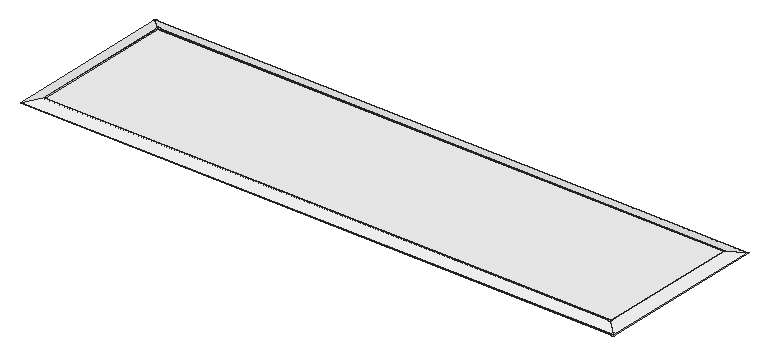
Revit family "NBS_COBAAfrica_EntMatt_Alba", category Generic Models, host Face, Revit 2018
Family settings
  Host = Face
  Can host rebar = No
  Round Connector Dimension = Use Diameter
  Part Type = Normal
  Cut with Voids When Loaded = No
  Shared = No
  Room Calculation Point = No
Parameters (values of type "2000x500mm")
  WarrantyGuarantorLabor = "n/a"
  WarrantyDurationLabor = "n/a"
  Uniclass2015Version = "Products v1.15"
  Uniclass2015Title = "Entrance mats"
  Uniclass2015Code = "Pr_35_57_11_26"
  SurfaceInsertWidth = "n/a"
  SurfaceInsertOptions = "n/a"
  Pattern = "n/a"
  MatwellEdgingWidth [instance] = 2.50 mm
  WarrantyStartDate [instance] = "1900-12-31T23:59:59"
  WarrantyGuarantorParts = "n/a"
  WarrantyDurationUnit = "year"
  WarrantyDurationParts = "n/a (dependent on application)"
  WarrantyDescription = "n/a"
  Version = "1"  # constant formula
  TrafficType = "Pedestrian, wheel chairs, pushchairs and trolleys"
  ThermalTransmittance = 0
  TagNumber [instance] = "n/a"
  SustainabilityPerformance = "n/a"
  SurfaceSpreadOfFlame = "n/a"
  Size = "n/a"
  Shape = "n/a"
  SerialNumber [instance] = "n/a"
  Revision = "n/a"
  ReplacementCost = "n/a"
  Reference = "n/a"
  RampedEdging [instance] = and(MattingSurface, EdgingRequired)  # yes
  ProductInformation = "https://www.matting.co.za/commercial/product/alba/"
  NominalWidth = EntranceMattingWidth  # 2000.00 mm
  NominalLength = EntranceMattingLength  # 500.00 mm
  NominalHeight = EntranceMattingHeight  # 9.20 mm
  Name = "EntMatt_Alba_COBAAfrica"
  NBSReference = "45-35-35/420"
  NBSDescription = "Entrance matting"
  NBSCertification = "n/a"
  ModelReference = "Alba"
  ModelNumber = "AB"
  MatwellEdging [instance] = and(MattingRecessed, EdgingRequired)  # no
  MattingHeight = "9.2 mm"
  Material = "Nylon pile carpet"
  ManufacturerURL = "www.cobaafrica.com"
  ManufacturerName = "COBA Africa"  # constant formula
  LinkingJoints = "n/a"
  IsExternal = no
  IntegralAccessoryOptions = "Optional edging available"
  IntegralAccessories = "n/a"
  InstallationDate [instance] = "1900-12-31T23:59:59"
  IfcExportType = "FLOORING"  # constant formula
  IfcExportAs = "IfcCoveringType"  # constant formula
  HasNonSkidSurface = yes
  HasAntiStaticSurface = no
  Grade = "n/a"
  FragilityRating = "n/a"
  FlammabilityRating = "n/a"
  FireRating = "EN 13501 Euro Classification Cfl - S1"
  Finish = "n/a"
  Features = "n/a"
  ExpectedLife = "10 years if used in the correct environment for the volume and type of traffic expected over the system."
  EdgingRequired [instance] = yes
  MattingSurface [instance] = yes
  MattingRecessed [instance] = not(MattingSurface)  # no
  MattingOffsetCalc [instance] = if(and(MattingSurface, not(EdgingRequired)), EntranceMattingHeight, if(and(MattingSurface, EdgingRequired), EntranceMattingHeight + 1.20 mm, 0.00 mm))  # 10.40 mm
  FloorRecessWidth [instance] = if(and(EdgingRequired, MattingRecessed), EntranceMattingWidth + (2 * MatwellEdgingWidth), EntranceMattingWidth)  # 2000.00 mm
  FloorRecessLength [instance] = if(and(EdgingRequired, MattingRecessed), EntranceMattingLength + (2 * MatwellEdgingWidth), EntranceMattingLength)  # 500.00 mm
  FloorRecessDepth [instance] = 25.00 mm
  Manufacturer = "sales@cobaafrica.com"  # constant formula
  MattingRecessCalc [instance] = if(and(MattingSurface, not(EdgingRequired)), EntranceMattingHeight + 0.50 mm, if(and(MattingSurface, EdgingRequired), EntranceMattingHeight + 1.70 mm, FloorRecessDepth))  # 10.90 mm
  EntranceMattingWidth = 2000.00 mm
  EntranceMattingMaterial = NBS_Concept
  EntranceMattingLength = 500.00 mm
  EntranceMattingHeight = 9.20 mm
  EdgingMaterial = NBS_Concept
  DurationUnit = "n/a"
  Description = "Premium nylon entrance matting carpet"
  Default Elevation = 1200.00 mm
  Construction = "Closed"
  Constituents = "n/a"
  Combustible = no
  Color = "n/a"
  CodePerformance = "n/a"
  Category = "n/a"
  CarpetColourOptions = "Blue, Charcoal, Grey, Brown"
  BaseMaterial = "n/a"
  BaseColour = "Black"
  BarCode [instance] = "n/a"
  BIMObjectName = "NBS_COBAAfrica_EntranceMatting_Alba"
  Author = "NBS"  # constant formula
  AssetType = "Fixed"
  AssetIdentifier [instance] = "n/a"
  ArrangementOptions = "Can be used in recessed matwells or on pedestrian walkways"
  Arrangement = "n/a"
  AcousticRating = "n/a"
  AccessibilityPerformance = "n/a"
Values of the unnamed type that differ from the named types
  Uniclass2015Version = "Products v1.11"
  WarrantyDurationUnit = "n/a"
  WarrantyDurationParts = "3 Years"
  ProductInformation = "www.cobaeurope.com/entrance-matting-systems/alba-nylon-carpet/"
  Name = "EntranceMatting_COBAFlooring_Alba_2m"
  NBSCertification = "www.nationalbimlibrary.com/cert/g53o3iso"
  ModelReference = "Alba 2m"
  ManufacturerURL = "www.cobaeurope.com"
  IntegralAccessoryOptions = ""
  IntegralAccessories = "Optional edging available"
  FlammabilityRating = "Fire tested to Cfl-S1 EN 14041"
  Finish = "Nylon carpet"
  ExpectedLife = "10 years* If used in the correct environment for the volume and type of traffic expected over the system."
  Color = "Charcoal, Grey, Blue, Brown"
  Category = "Pr_35_57_11_26:Entrance mats"
  BIMObjectName = "NBS_COBAFlooring_EntranceMatting_Alba_2m"
  ArrangementOptions = ""
  Arrangement = "Can be used in recessed matwells or on pedestrian walkways"
Reference planes
  plane 1 "Center (Front/Back)": y = 0
  plane 2: z = 0
  plane 3 "Center (Left/Right)": x = 0
  plane 4: y = 250
  plane 5: y = -250
  plane 6: x = -1000
  plane 7: x = 1000
  plane 8 "MattingBottom": z = 1.2
  plane 9 "MattingTop": z = 10.4
  plane 10 "RecessBottom": z = -0.5
  plane 11: x = -1000
  plane 12: x = 1000
  plane 13: y = 250
  plane 14: y = -250
Forms (mm)
  Extrusion 1, solid, material "NBS_Concept" <- "EntranceMattingMaterial"
    sketch origin (-696.176, -4572, 1.2) x (-1, 0, 0) y (0, -1, 0)
      loop
        line (303.824, -4822) -> (303.824, -4322) -> (-1696.176, -4322) -> (-1696.176, -4822) -> (303.824, -4822)
    from 0 to 9.2
  Extrusion 2, void
    sketch origin (-696.176, -4572, 1.2) x (-1, 0, 0) y (0, -1, 0)
      loop
        line (303.824, -4822) -> (303.824, -4322) -> (-1696.176, -4322) -> (-1696.176, -4822) -> (303.824, -4822)
    from -1.7 to 9.2
  Sweep 3, solid, material "NBS_Concept" <- "EdgingMaterial", visible <- "RampedEdging"
    path in 3D
      loop
        line (-1000, 250, 1.2) -> (1000, 250, 1.2) -> (1000, -250, 1.2) -> (-1000, -250, 1.2) -> (-1000, 250, 1.2)
    profile origin (-1000, 0, 1.2) x (1, 0, 0) y (0, 0, -1)
      loop
        line (0, 0) -> (18, 0) -> (18, 1.2) -> (-46.339, 1.2)
        arc (-46.339, 1.2) -> (-46.996, 0.616) -> (-46.491, -0.104) r 0.661
        line (-46.491, -0.104) -> (-1.588, -10.672)
        arc (-1.588, -10.672) -> (-0.49, -10.428) -> (0, -9.415) r 1.292
        line (0, -9.415) -> (0, 0)
  Sweep 4, solid, material "NBS_Concept" <- "EdgingMaterial", visible <- "MatwellEdging"
    path in 3D
      loop
        line (-1000, 250, 1.2) -> (1000, 250, 1.2) -> (1000, -250, 1.2) -> (-1000, -250, 1.2) -> (-1000, 250, 1.2)
    profile origin (-1000, 0, 1.2) x (1, 0, 0) y (0, 0, -1)
      loop
        line (0, -9.2) -> (0, 0) -> (-2.5, 0) -> (-2.5, -9.2) -> (0, -9.2)
Lines and regions (mm)
  sketch lines
    curve 1: line (-1000, -250, 1.2) -> (-1000, 250, 1.2)
    curve 2: line (1000, -250, 1.2) -> (-1000, -250, 1.2)
    curve 3: line (-1000, 250, 1.2) -> (1000, 250, 1.2)
    curve 4: line (1000, 250, 1.2) -> (1000, -250, 1.2)
    curve 5: line (-1000, -250, 1.2) -> (-1000, 250, 1.2)
    curve 6: line (1000, -250, 1.2) -> (-1000, -250, 1.2)
    curve 7: line (-1000, 250, 1.2) -> (1000, 250, 1.2)
    curve 8: line (1000, 250, 1.2) -> (1000, -250, 1.2)
Dimensions and locks
  equal spacing: plane 4, plane 1 "Center (Front/Back)", plane 5
  "EntranceMattingLength": plane 4 to plane 5
  equal spacing: plane 6, plane 3 "Center (Left/Right)", plane 7
  "EntranceMattingWidth": plane 6 to plane 7
  "EntranceMattingHeight": plane 9 "MattingTop" to plane 8 "MattingBottom"
  "MattingOffsetCalc": plane 9 "MattingTop" to level
  "MattingRecessCalc": plane 9 "MattingTop" to plane 10 "RecessBottom"
  equal spacing: host sketch curve, plane 3 "Center (Left/Right)", host sketch curve
  "FloorRecessWidth": host sketch curve to host sketch curve
  equal spacing: host sketch curve, plane 1 "Center (Front/Back)", host sketch curve
  "FloorRecessLength": host sketch curve to host sketch curve
  locked: plane 6 to Sweep 3 sketch curve at 46.339
  locked: plane 8 "MattingBottom" to Sweep 3 sketch curve at 1.2
  equal spacing: plane 11, plane 3 "Center (Left/Right)", plane 12
  "FloorRecessWidth": plane 11 to plane 12
  equal spacing: plane 13, plane 1 "Center (Front/Back)", plane 14
  "FloorRecessLength": plane 13 to plane 14
  "MatwellEdgingWidth": Sweep 4 sketch curve to profile plane
  aligned and locked: plane 2 to host face
  aligned and locked: level to host face
  aligned and locked: plane 5 to Extrusion 1 sketch curve
  aligned and locked: Extrusion 1 sketch curve to plane 7
  aligned and locked: Extrusion 1 sketch curve to plane 4
  aligned and locked: plane 6 to Extrusion 1 sketch curve
  aligned and locked: Extrusion 1 to plane 8 "MattingBottom"
  aligned and locked: Extrusion 1 to plane 9 "MattingTop"
  aligned and locked: Extrusion 2 to plane 9 "MattingTop"
  aligned and locked: Extrusion 2 to plane 10 "RecessBottom"
  aligned and locked: plane 6 to Sweep 3 sketch curve
  aligned and locked: Sweep 3 sketch curve to plane 8 "MattingBottom"
  aligned and locked: Extrusion 2 sketch curve to plane 13
  aligned and locked: plane 11 to Extrusion 2 sketch curve
  aligned and locked: plane 14 to Extrusion 2 sketch curve
  aligned and locked: Extrusion 2 sketch curve to plane 12
  aligned and locked: Sweep 4 sketch curve to plane 8 "MattingBottom"
  aligned and locked: Sweep 4 sketch curve to plane 9 "MattingTop"
Automatic sketch dimensions
  Sweep 3 sketch curve to profile plane = 18.00 mm
  Sweep 3 sketch curve to profile plane = 9.415 mm
  Sweep 3 sketch curve to profile plane = 0.104 mm
  Sweep 3 sketch curve to Sweep 3 sketch curve = 0.151 mm
  profile plane to Sweep 3 sketch curve = 1.588 mm
  Sweep 3 sketch curve to Sweep 3 sketch curve = 0.296 mm
  profile plane to Sweep 4 sketch curve = 0.00 mm
